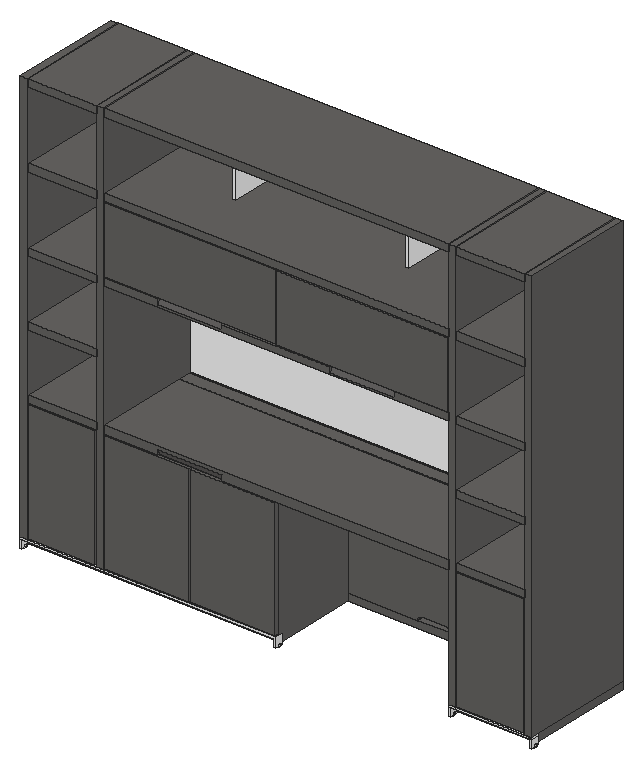
Revit family "Storage-Wall-Teknion-ZXSO_90_High_With_Lights-R2011", category Furniture Systems, Revit 2013
Parameters (values of type "(See Type Catalog)")
  Working Wall Finish [instance] = Glass - Teknion - K6 - White Backpainted
  Width = 108 105/128"
  Warranty = "http://www.teknionstudio.com/pdfs/Teknion%20Studio%20Warranty.pdf"
  Wall Unit Finish [instance] = Veneer - Teknion - P7 - Grey Oak
  Voltage = 120 V
  Unit Weight = 820.00 lbf
  URL = "www.teknionstudio.com"
  Tabletop Cutout Offset = if(Has Double Doors, 0", 4")  # 0"
  Right Storage Tower = Storage-Unit-Teknion-Tower : Upper Shelves & Lower Door
  Left Storage Tower = Storage-Unit-Teknion-Tower : Upper Shelves & Lower Door
  Series = "B&B Italia"
  Product Page URL = "http://www.teknionstudio.com/acexecutive/"
  Product Line = "AC Executive"
  Product Documentation Link = "http://www.teknionstudio.com/pricing/ac_executive_storage_walls_ppg.pdf"
  Power Factor = 1
  Part Number = "ZXSO"
  Number of Poles = 1
  Model = ""
  Manufacturer Phone = "919-464-2920"
  Manufacturer Fax = "919-464-2927"
  Manufacturer Email = "customersupport@teknionstudio.com"
  Manufacturer Address = "3940 US 70 Business HWY West, Clayton, NC 27520"
  Manufacturer = "Teknion Studio"  # constant formula
  Low Emitting Material = yes
  Low Emitting Finish = yes
  Height = 89 123/128"
  Has File File Drawers = not(Has Double Doors)  # no
  Has Double Doors = yes
  Description = ""
  Depth = 24"
  Assembly Code = "E2020200"
  Apparent Load = 22.8 VA
Reference planes (in)
  plane 1 "Center F/B": y = 0
  plane 2: z = 0
  plane 3 "Back": y = 12
  plane 4 "Front": y = -12
  plane 5 "Doors Top": z = 73.80469
  plane 6: x = 28.60504
  plane 7: z = 29.68402
  plane 8: z = 56.1289
  plane 9: x = -44.78207
  plane 10: z = 2.1289
  plane 11 "Center L/R": x = -8.08858
  plane 12 "Foot Centerline": y = -11.2126
  plane 13 "Tabletop Cutout": y = -12
  plane 14 "Foot Centerline Front": y = -10.22835
  plane 15 "Foot Centerline Back": y = 10.22835
  plane 16: y = -8.484
  plane 17 "Left": x = -62.49874
  plane 18 "Center": x = -16.17717
  plane 19 "Right": x = 46.32157
  plane 20 "Top": z = 89.96094
Forms (in)
  Sweep 1, solid, material "Metal - Teknion - C6 - Chrome"
    path origin (0, 0, 0) x (1, 0, 0) y (0, 0, 1)
      loop
        line (-44.78207, 2.1289) -> (-8.08858, 2.1289) -> (-8.08858, 0.05803)
    profile origin (-26.43533, 0, 2.1289) x (0, 0, 1) y (0, -1, 0)
      loop
        line (0, 12) -> (-0.394, 12) -> (-0.394, 10.4252) -> (0, 10.4252) -> (0, 12)
  Sweep 2, solid, material "Metal - Teknion - C6 - Chrome"
    path origin (0, 0, 0) x (1, 0, 0) y (0, 0, 1)
      loop
        line (-44.78207, 2.1289) -> (-8.08858, 2.1289)
    profile origin (-26.43533, 0, 2.1289) x (0, 0, 1) y (0, -1, 0)
      loop
        line (-0.394, 10.6222) -> (-1.5748, 10.6222) -> (-1.5748, 10.4252) -> (-0.394, 10.4252) -> (-0.394, 10.6222)
  Revolve 3, solid, material "Metal - Teknion - C6 - Chrome"
    sketch origin (0.39385, -11.2126, 0) x (0, 0, -1) y (1, 0, 0)
      loop
        line (-0.4911, -8.67943) -> (0, -8.67943) -> (0, -8.34479) -> (-0.03937, -8.30542) -> (-0.20618, -8.30542) -> (-0.24555, -8.34479) -> (-0.28492, -8.30542) -> (-0.45173, -8.30542) -> (-0.4911, -8.34479) -> (-0.4911, -8.67943)
      axis (0, -8.67943) -> (-0.4911, -8.67943)
    angle from 0 to 360
  Sweep 4, solid, material "Veneer - Teknion - P7 - Grey Oak" <- "Wall Unit Finish"
    path origin (0, 0, 0) x (1, 0, 0) y (0, 0, 1)
      loop
        line (-44.78207, 29.68402) -> (28.60504, 29.68402)
    profile origin (-8.08852, 0, 29.68402) x (0, 0, 1) y (0, -1, 0)
      loop
        line (0, 12) -> (-1.7638, 12) -> (-1.7638, -7.11393) -> (-5.30827, -7.11393) -> (-5.30827, -7.08268) -> (-27.55512, -7.08268) -> (-27.55512, -7.11393) -> (-29.0945, -7.11393) -> (-29.0945, -12) -> (-27.55512, -12) -> (-27.55512, -7.80668) -> (-5.30828, -7.80668) -> (-5.30828, -12) -> (44.12067, -12) -> (44.12067, 12) -> (42.58097, 12) -> (42.58097, 11.2126) -> (27.98392, 11.2126) -> (27.98392, 12) -> (26.44488, 12) -> (26.44488, -10.94094) -> (0, -10.94094) -> (0, -10.90969) -> (-0.72441, -10.90969) -> (-0.72441, -10.56693) -> (0, -10.56693) -> (0, -8.05709) -> (-0.72441, -8.05709) -> (-0.72441, -7.80709) -> (0, -7.80709) -> (0, 12)
      loop
        line (60.27692, -12) -> (60.27692, 12) -> (58.73755, 12) -> (58.73755, -12) -> (60.27692, -12)
  Sweep 5, solid, material "Veneer - Teknion - P7 - Grey Oak" <- "Wall Unit Finish"
    path origin (0, 0, 0) x (1, 0, 0) y (0, 0, 1)
      loop
        line (-44.78207, 29.68402) -> (-8.08858, 29.68402)
    profile origin (-26.43533, 0, 29.68402) x (0, 0, 1) y (0, -1, 0)
      loop
        line (-1.7638, 11.27559) -> (-27.55512, 11.27559) -> (-27.55512, 10.4252) -> (-29.0945, 10.4252) -> (-29.0945, -12) -> (-1.7638, -12) -> (-1.7638, 11.27559)
  Sweep 6, solid, material "Veneer - Teknion - P7 - Grey Oak" <- "Wall Unit Finish"
    path origin (0, 0, 15.40683) x (-1, 0, 0) y (0, -1, 0)
      loop
        line (16.17717, 12) -> (16.17717, 11.276)
    profile origin (-16.17717, -11.638, 15.40683) x (-1, 0, 0) y (0, 0, 1)
      loop
        line (28.35376, 42.50186) -> (28.35376, 56.60815) -> (-7.96416, 56.60815) -> (-7.96416, 42.50186) -> (28.35376, 42.50186)
      loop
        line (-8.21416, 56.60815) -> (-44.5322, 56.60815) -> (-44.5322, 42.50186) -> (-8.21416, 42.50186) -> (-8.21416, 56.60815)
  Sweep 7, solid, material "Veneer - Teknion - P7 - Grey Oak" <- "Wall Unit Finish", visible <- "Has Double Doors"
    path origin (0, 0, 15.40683) x (-1, 0, 0) y (0, -1, 0)
      loop
        line (16.17717, 12) -> (16.17717, 11.276)
    profile origin (-16.17717, -11.638, 15.40683) x (-1, 0, 0) y (0, 0, 1)
      loop
        line (-7.83788, 12.26339) -> (-7.83788, -13.03482) -> (10.15331, -13.03482) -> (10.15331, 12.26339) -> (-7.83788, 12.26339)
      loop
        line (10.40331, 12.26339) -> (10.40331, -13.03482) -> (28.35504, -13.03482) -> (28.35504, 12.26339) -> (10.40331, 12.26339)
  Sweep 8, solid, material "Veneer - Teknion - P7 - Grey Oak" <- "Wall Unit Finish", visible <- "Has File File Drawers"
    path origin (0, 0, 15.40683) x (-1, 0, 0) y (0, -1, 0)
      loop
        line (16.17717, 12) -> (16.17717, 11.276)
    profile origin (-16.17717, -11.638, 15.40683) x (-1, 0, 0) y (0, 0, 1)
      loop
        line (-7.83801, 12.26339) -> (-7.83801, 0.01144) -> (28.3549, 0.01144) -> (28.3549, 12.26339) -> (-7.83801, 12.26339)
      loop
        line (28.3549, -0.77597) -> (-7.83801, -0.77597) -> (-7.83801, -13.03482) -> (28.3549, -13.03482) -> (28.3549, -0.77597)
  Sweep 9, void
    path origin (0, 0, 0) x (1, 0, 0) y (0, 0, 1)
      loop
        line (-33.34466, 29.68402) -> (-19.56514, 29.68402)
    profile origin (-26.4549, 0, 29.68402) x (0, 0, 1) y (0, -1, 0)
      loop
        line (-1.7638, 12) -> (-1.7638, 11.52756) -> (-0.66143, 12) -> (-1.7638, 12)
  Sweep 10, void
    path origin (0, 0, 0) x (1, 0, 0) y (0, 0, 1)
      loop
        line (-33.3248, 56.1289) -> (-19.54528, 56.1289)
    profile origin (-26.43504, 0, 56.1289) x (0, 0, 1) y (0, -1, 0)
      loop
        line (1.53937, 12) -> (0.43699, 12) -> (1.53937, 11.52755) -> (1.53937, 12)
  Sweep 11, void
    path origin (0, 0, 0) x (1, 0, 0) y (0, 0, 1)
      loop
        line (3.36811, 56.1289) -> (17.14764, 56.1289)
    profile origin (10.25787, 0, 56.1289) x (0, 0, 1) y (0, -1, 0)
      loop
        line (1.53937, 11.52755) -> (1.53937, 12) -> (0.43699, 12) -> (1.53937, 11.52755)
  Sweep 12, void
    path origin (0, 0, 0) x (1, 0, 0) y (0, 1, 0)
      loop
        line (0, 7.80668) -> (0, 7.08268)
    profile origin (0, 7.44468, 0) x (1, 0, 0) y (0, 0, 1)
      loop
        line (6.83338, 24.37575) -> (6.83338, 23.51079)
        arc (6.83338, 23.51079) -> (7.06401, 22.95401) -> (7.62079, 22.72339) r 0.7874
        line (7.62079, 22.72339) -> (12.93575, 22.72339)
        arc (12.93575, 22.72339) -> (13.49252, 22.95401) -> (13.72315, 23.51079) r 0.7874
        line (13.72315, 23.51079) -> (13.72315, 24.37575) -> (6.83338, 24.37575)
      loop
        line (13.72315, 2.1289) -> (13.72315, 2.28638)
        arc (13.72315, 2.28638) -> (13.50406, 2.81532) -> (12.97512, 3.03441) r 0.74803
        line (12.97512, 3.03441) -> (7.58142, 3.03441)
        arc (7.58142, 3.03441) -> (7.05248, 2.81532) -> (6.83338, 2.28638) r 0.74803
        line (6.83338, 2.28638) -> (6.83338, 2.1289) -> (13.72315, 2.1289)
  Sweep 13, solid, material "Acrylic - Teknion - Clear"
    path origin (0.93574, 0, 38.14576) x (-1, 0, 0) y (0, -1, 0)
      loop
        line (9.02433, -11.25197) -> (9.02433, 0.16535)
    profile origin (-8.08858, 5.54331, 38.14576) x (1, 0, 0) y (0, 0, 1)
      loop
        line (-18.65699, 50.26562) -> (-18.65699, 35.65893) -> (-18.0625, 35.65893) -> (-18.0625, 50.26562) -> (-18.65699, 50.26562)
      loop
        line (18.0625, 50.26562) -> (18.0625, 35.65893) -> (18.65699, 35.65893) -> (18.65699, 50.26562) -> (18.0625, 50.26562)
Cuts and joins
  joined: Sweep 1, Sweep 2, Revolve 3
  Sweep 9, Sweep 10, Sweep 11, Sweep 12 cuts Sweep 4
  joined: Sweep 4, Sweep 5
Lines and regions (in)
  Masking region 1
    outline origin (0, 0, 15.40683) x (-1, 0, 0) y (0, -1, 0)
      loop
        line (44.78207, -12) -> (44.78207, 12) -> (-28.60504, 12) -> (-28.60504, -12) -> (44.78207, -12)
  symbolic lines, style "Elevation Swing"
    curve 1: line (-44.78207, -12, 57.66827) -> (-26.43533, -12, 72.01499)
    curve 2: line (-8.08858, -12, 57.66832) -> (-26.43533, -12, 72.01499)
    curve 3: line (-8.08858, 0, 57.66832) -> (10.25823, 0, 72.18658)
    curve 4: line (10.25823, 0, 72.18658) -> (28.60504, 0, 57.66827)
  symbolic lines, style "Elevation Swing", visible <- "Has Double Doors"
    curve 5: line (-26.58047, 0, 27.67022) -> (-44.5322, 0, 15.02111)
    curve 6: line (-44.5322, 0, 15.02111) -> (-26.58047, 0, 2.37201)
    curve 7: line (-26.33047, 0, 2.37201) -> (-8.33929, 0, 15.02456)
    curve 8: line (-8.33929, 0, 15.02456) -> (-26.33047, 0, 27.67022)
  symbolic lines, detail levels medium+fine
    curve 9: line (-8.08858, 12, 15.40683) -> (-8.08858, -12, 15.40683)
  symbolic lines, style "FurnitureSystemsHiddenLines", detail levels fine
    curve 10: line (-44.78207, -11.276, 15.40683) -> (-8.08858, -11.276, 15.40683)
    curve 11: line (28.6049, 12, 15.40683) -> (28.6049, -12, 15.40683)
  symbolic lines, style "FurnitureSystems", visible <- "Has Double Doors"
    curve 12: arc (-26.43533, -12, 15.40683) -> (-21.06169, -24.97311, 15.40683) -> (-8.08858, -30.34674, 15.40683) r 18.34674
    curve 13: arc (-44.78207, -30.34674, 15.40683) -> (-31.80896, -24.97311, 15.40683) -> (-26.43533, -12, 15.40683) r 18.34674
    curve 14: line (-44.78207, -12, 15.40683) -> (-44.78207, -30.34674, 15.40683)
    curve 15: line (-8.08858, -12, 15.40683) -> (-8.08858, -30.34674, 15.40683)
Dimensions and locks (in)
  equal spacing: plane 3 "Back", plane 1 "Center F/B", plane 4 "Front"
  "Depth": plane 3 "Back" to plane 4 "Front"
  "Height": plane 20 "Top" to plane 2
  locked: plane 7 to plane 2 at 29.68402
  locked: plane 8 to plane 7 at 26.44488
  locked: plane 10 to plane 2 at 2.1289
  locked: plane 10 to Sweep 2 sketch curve at 0.394
  locked: Sweep 2 sketch curve to Sweep 2 sketch curve at 1.1808
  plane 4 "Front" to Sweep 2 sketch curve to Sweep 2 sketch curve = 1.3778" locked, 0.197" locked
  locked: plane 4 "Front" to plane 12 "Foot Centerline" at 0.7874
  locked: plane 10 to Sweep 4 sketch curve at 1.53939
  locked: plane 7 to Sweep 4 sketch curve at 1.7638
  Sweep 5 sketch curve to Sweep 5 sketch curve to plane 3 "Back" = 23.27559", 0"
  locked: plane 7 to Sweep 5 sketch curve at 1.7638
  locked: plane 4 "Front" to Sweep 5 sketch curve at 1.5748
  locked: plane 4 "Front" to Sweep 6 sketch curve at 0.724
  plane 5 "Doors Top" to Sweep 6 sketch curve to Sweep 6 sketch curve = 1.7897" locked, 14.1063" locked  (x2)
  Sweep 6 sketch curve to Sweep 6 sketch curve to Sweep 6 sketch curve to Sweep 6 sketch curve = 36.31805", 1/4", 36.31791"
  locked: plane 4 "Front" to Sweep 7 sketch curve at 0.724
  locked: plane 4 "Front" to Sweep 8 sketch curve at 0.724
  locked: Sweep 9 sketch curve to Sweep 9 sketch curve at 13.77953
  locked: plane 7 to Sweep 9 sketch curve at 1.7638
  locked: plane 13 "Tabletop Cutout" to Sweep 9 sketch curve at 0.47244
  "Tabletop Cutout Offset": plane 13 "Tabletop Cutout" to plane 4 "Front"
  locked: Sweep 10 sketch curve to Sweep 10 sketch curve at 13.77953
  locked: Sweep 10 sketch curve to plane 8 at 1.53937
  locked: Sweep 10 sketch curve to plane 8 at 0.43699
  locked: plane 4 "Front" to Sweep 10 sketch curve at 0.47245
  Sweep 11 sketch curve to Sweep 11 sketch curve to plane 8 = 1.10238" locked, 0.43699" locked
  locked: plane 4 "Front" to Sweep 11 sketch curve at 0.47245
  plane 3 "Back" to Sweep 12 sketch curve to Sweep 12 sketch curve = 4.19332" locked, 0.724" locked
  equal spacing: plane 11 "Center L/R", curve 2, plane 9
  equal spacing: plane 6, curve 4, plane 11 "Center L/R"
  locked: plane 4 "Front" to curve 10 at 0.724
  locked: plane 3 "Back" to plane 15 "Foot Centerline Back" at 1.77165
  locked: plane 4 "Front" to plane 14 "Foot Centerline Front" at 1.77165
  locked: plane 4 "Front" to plane 16 at 3.516
  locked: plane 17 "Left" to plane 9 at 17.71667
  locked: Sweep 7 sketch curve to Sweep 7 sketch curve at 25.29821  (x2)
  Sweep 7 sketch curve to Sweep 7 sketch curve to Sweep 7 sketch curve to Sweep 7 sketch curve = 17.95173" locked, 1/4" locked, 17.99118" locked
  Sweep 8 sketch curve to Sweep 8 sketch curve to Sweep 8 sketch curve to Sweep 8 sketch curve = 12.25195" locked, 0.7874" locked, 12.25886" locked
  locked: Sweep 8 sketch curve to Sweep 8 sketch curve at 36.19291  (x2)
  locked: Sweep 12 sketch curve to Sweep 12 sketch curve at 6.88976  (x2)
  locked: Sweep 12 sketch curve to Sweep 12 sketch curve at 1.65236
  locked: Sweep 1 sketch curve to plane 2 at 0.05803
  locked: plane 11 "Center L/R" to Sweep 10 sketch curve at 11.45669
  Sweep 11 sketch curve to Sweep 11 sketch curve to plane 11 "Center L/R" = 13.77953" locked, 11.45669" locked
  locked: plane 11 "Center L/R" to Sweep 12 sketch curve at 14.92197
  locked: Sweep 12 sketch curve to plane 11 "Center L/R" at 14.92197
  locked: Sweep 8 sketch curve to plane 11 "Center L/R" at 0.25057
  locked: plane 11 "Center L/R" to Sweep 8 sketch curve at 0.25057
  locked: plane 7 to Sweep 8 sketch curve at 2.0138
  locked: plane 11 "Center L/R" to Sweep 7 sketch curve at 0.25071
  locked: plane 7 to Sweep 7 sketch curve at 2.0138  (x2)
  locked: plane 18 "Center" to plane 11 "Center L/R" at 8.08858
  locked: Sweep 6 sketch curve to plane 6 at 0.25
  locked: plane 6 to plane 19 "Right" at 17.71654
  "Width": plane 17 "Left" to plane 19 "Right"
  equal spacing: plane 17 "Left", plane 11 "Center L/R", plane 19 "Right"
  plane 20 "Top" to plane 5 "Doors Top" = 16 5/32"
  locked: Sweep 13 sketch curve to Sweep 13 sketch curve at 11.41732
  locked: Sweep 13 sketch curve to Sweep 13 sketch curve at 0.59449  (x2)
  locked: plane 3 "Back" to Sweep 13 sketch curve at 0.74803
  locked: Sweep 13 sketch curve to plane 11 "Center L/R" at 18.0625
  equal spacing: Sweep 13 sketch curve, plane 11 "Center L/R", Sweep 13 sketch curve
  locked: Sweep 13 sketch curve to plane 5 "Doors Top" at 14.60669  (x2)
  locked: plane 20 "Top" to Sweep 4 sketch curve at 1.53937
  locked: plane 5 "Doors Top" to Sweep 4 sketch curve at 1.5397
  locked: Sweep 4 sketch curve to plane 8 at 1.53904
  locked: plane 7 to Sweep 12 sketch curve at 5.30827
  locked: Sweep 9 sketch curve to plane 9 at 11.43741
  Revolve 3 sketch curve to Revolve 3 sketch curve to Revolve 3 sketch curve to Revolve 3 sketch curve to Revolve 3 sketch curve to Revolve 3 sketch curve to plane 2 = 0.03937" locked, 0.16681" locked, 0.03937" locked, 0.03937" locked, 0.16681" locked, 0.03937" locked
  Revolve 3 sketch curve to Revolve 3 sketch curve to plane 11 "Center L/R" to Revolve 3 sketch curve = 0" locked, 0.17702" locked, 0.197" locked
  locked: plane 11 "Center L/R" to Revolve 3 sketch curve at 0.197
  equal spacing: plane 9, curve 13, plane 11 "Center L/R"
  aligned and locked: level to plane 2
  aligned and locked: Sweep 1 sketch curve to plane 10  (x2)
  aligned and locked: Sweep 1 sketch curve to plane 4 "Front"
  aligned and locked: Sweep 2 sketch curve to plane 10
  aligned and locked: plane 9 to Sweep 4 sketch curve
  aligned and locked: plane 6 to Sweep 4 sketch curve
  aligned and locked: Sweep 4 sketch curve to plane 7  (x4)
  aligned and locked: Sweep 4 sketch curve to plane 4 "Front"  (x2)
  aligned and locked: plane 3 "Back" to Sweep 4 sketch curve  (x2)
  aligned and locked: Sweep 5 sketch curve to plane 7
  aligned and locked: plane 10 to Sweep 5 sketch curve
  aligned and locked: plane 4 "Front" to Sweep 6 sketch curve
  aligned and locked: Sweep 4 sketch curve to plane 8
  aligned and locked: plane 4 "Front" to Sweep 7 sketch curve
  aligned and locked: plane 4 "Front" to Sweep 8 sketch curve
  aligned and locked: Sweep 9 sketch curve to plane 7
  aligned and locked: plane 13 "Tabletop Cutout" to Sweep 9 sketch curve
  aligned and locked: Sweep 10 sketch curve to plane 8
  aligned and locked: Sweep 11 sketch curve to plane 8
  aligned and locked: Sweep 11 sketch curve to plane 4 "Front"
  aligned and locked: plane 9 to curve 1
  aligned and locked: plane 11 "Center L/R" to curve 2
  aligned and locked: Sweep 6 to curve 2
  aligned and locked: plane 6 to curve 4
  aligned and locked: Masking region 1 sketch curve to plane 3 "Back"
  aligned and locked: Masking region 1 sketch curve to plane 4 "Front"
  aligned and locked: plane 3 "Back" to curve 9
  aligned and locked: plane 4 "Front" to curve 9
  aligned and locked: plane 3 "Back" to curve 11
  aligned and locked: plane 4 "Front" to curve 11
  aligned and locked: plane 4 "Front" to Sweep 10 sketch curve
  aligned and locked: Sweep 4 sketch curve to plane 5 "Doors Top"
  aligned and locked: plane 12 "Foot Centerline" to Sweep 4 sketch curve
  aligned and locked: plane 4 "Front" to Sweep 4 sketch curve  (x2)
  aligned: plane 8 to nested 1
  aligned: plane 11 "Center L/R" to nested 1
  aligned and locked: nested 1 to plane 16
  aligned and locked: plane 8 to nested 1
  aligned and locked: plane 11 "Center L/R" to nested 1
  aligned and locked: Sweep 1 sketch curve to plane 11 "Center L/R"
  aligned and locked: plane 10 to Sweep 12 sketch curve
  aligned and locked: plane 9 to Masking region 1 sketch curve
  aligned and locked: Sweep 7 sketch curve to plane 18 "Center"
  aligned and locked: plane 1 "Center F/B" to Sweep 5 sketch curve
  aligned: plane 11 "Center L/R" to Sweep 5 sketch curve
  aligned: plane 6 to Sweep 5 sketch curve
  aligned and locked: Sweep 8 sketch curve to plane 18 "Center"
  aligned and locked: Sweep 6 sketch curve to plane 18 "Center"
  aligned and locked: nested 2 to plane 2
  aligned and locked: Sweep 7 to curve 7
  aligned and locked: curve 6 to Sweep 7
  aligned and locked: curve 8 to Sweep 7
  aligned and locked: Sweep 7 to curve 5
  aligned and locked: Sweep 7 to Sweep 7
  aligned and locked: Sweep 7 to curve 6
  aligned and locked: curve 7 to Sweep 7
  aligned and locked: Sweep 7 to curve 8
  aligned and locked: plane 9 to nested 2
  aligned and locked: nested 2 to plane 1 "Center F/B"
  aligned and locked: Masking region 1 sketch curve to plane 6
  aligned and locked: plane 1 "Center F/B" to nested 3
  aligned and locked: nested 3 to plane 6
  aligned and locked: plane 2 to nested 3
  aligned and locked: Sweep 13 sketch curve to plane 11 "Center L/R"
  aligned and locked: plane 5 "Doors Top" to Sweep 13 sketch curve  (x2)
  aligned and locked: Sweep 4 sketch curve to plane 20 "Top"
  aligned and locked: plane 9 to Sweep 5 sketch curve
  aligned and locked: plane 11 "Center L/R" to Sweep 5 sketch curve
  aligned and locked: plane 9 to Sweep 1 sketch curve
  aligned and locked: plane 10 to Sweep 1 sketch curve
  aligned and locked: plane 9 to Sweep 2 sketch curve
  aligned and locked: plane 11 "Center L/R" to Sweep 2 sketch curve
  aligned and locked: nested 2 to curve 10
  aligned and locked: plane 4 "Front" to curve 13
  aligned and locked: plane 4 "Front" to Sweep 7
  aligned and locked: curve 15 to plane 11 "Center L/R"
  aligned and locked: curve 14 to plane 9
  aligned and locked: Sweep 4 sketch curve to plane 10
  aligned and locked: Sweep 4 sketch curve to plane 3 "Back"
Automatic sketch dimensions
  plane 8 to curve 2 = 1.53942"
  plane 8 to curve 1 = 1.53937"
  profile plane to Sweep 1 sketch curve = 0.394"
  Sweep 1 sketch curve to Sweep 1 sketch curve = 1.5748"
  Sweep 5 sketch curve to plane 11 "Center L/R" = 36.69349"
  Sweep 5 sketch curve to plane 6 = 36.69362"
  Sweep 5 sketch curve to Sweep 5 sketch curve = 1.53939"
  profile plane to Sweep 9 sketch curve = 0.66143"
  Sweep 12 sketch curve to Sweep 12 sketch curve = 0.74803"  (x2)
  Sweep 12 sketch curve to Sweep 12 sketch curve = 0.7874"  (x2)
  Sweep 12 sketch curve to Sweep 12 sketch curve = 0.15748"
  curve 3 to plane 11 "Center L/R" = 0"
  curve 8 to plane 6 = 36.94433"
  curve 8 to curve 5 = 0"
  plane 10 to curve 8 = 12.89566"
  plane 10 to curve 6 = 12.89222"
  plane 10 to curve 6 = 0.24311"
  plane 8 to curve 4 = 1.53937"
  plane 8 to curve 3 = 1.53942"
  curve 3 to plane 5 "Doors Top" = 1.61811"
  plane 11 "Center L/R" to Sweep 12 sketch curve = 8.08858"
  Revolve 3 sketch curve to level = 0"  (x2)
  plane 11 "Center L/R" to Revolve 3 sketch curve = 0.13765"
  Revolve 3 sketch curve to Revolve 3 sketch curve = 0.4777"
  Revolve 3 sketch curve to Revolve 3 sketch curve = 0.03937"
  curve 11 to plane 6 = 0.00013"
  curve 12 to curve 13 = 0"
  curve 14 to curve 13 = 0"
  Sweep 4 sketch curve to Sweep 4 sketch curve = 0"  (x2)
  profile plane to Sweep 4 sketch curve = 5.30828"
  profile plane to Sweep 4 sketch curve = 0.72441"
  Sweep 4 sketch curve to Sweep 4 sketch curve = 0.72441"
  Sweep 4 sketch curve to Sweep 4 sketch curve = 1.05906"
  Sweep 4 sketch curve to Sweep 4 sketch curve = 1/32"  (x2)
  Sweep 4 sketch curve to Sweep 4 sketch curve = 0.34277"
  Sweep 4 sketch curve to Sweep 4 sketch curve = 2.50984"
  Sweep 4 sketch curve to Sweep 4 sketch curve = 1/4"
  Sweep 4 sketch curve to Sweep 4 sketch curve = 4.19332"
  Sweep 4 sketch curve to Sweep 4 sketch curve = 0.69316"
  Sweep 4 sketch curve to Sweep 4 sketch curve = 4.88607"
Nested families (in)
  nested 1: "Lighting-Teknion-Storage_Wall" at (-8.08858, 0.12401, 56.1289), type "Lighting-Teknion-Storage_Wall"
  nested 2: "Storage-Unit-Teknion-Tower" at (-53.64034, 0, 0) x (-1, 0, 0) z (0, 0, 1), type <- "Left Storage Tower", Height <- "Height", type "Upper Shelves & Lower Door"
    with Height 89 123/128", Has Top Shelf yes, Has Right Leg yes, Has Left Leg no, Bottom Drawer Height 26.016"
  nested 3: "Storage-Unit-Teknion-Tower" at (37.46331, 0, 0), type <- "Right Storage Tower", Height <- "Height", type "Upper Shelves & Lower Door"
    with Height 89 123/128", Has Top Shelf yes, Has Right Leg yes, Has Left Leg yes, Bottom Drawer Height 26.016"
Connectors (in)
  electrical at (1.08486, 12, 25.22471), driven by "Number of Poles", driven by "Voltage", driven by "Apparent Load", driven by "Power Factor"
    settings: on cut or joined group of Sweep 4, Sweep 5, Sweep 9, Sweep 10, Sweep 11, Sweep 12, index 1, voltage 120 V, apparent load 0 VA, apparent load phase1 22.8 VA, apparent load phase2 0 VA, apparent load phase3 0 VA, power factor 1, load classification "Other", number of poles 1, system type 31, power factor state 1, is connector primary yes, connector utility no, sub classification motor no, connector description "Electrical Connector"
Definition of nested family "Lighting-Teknion-Storage_Wall"
  Parameters (values of type "Lighting-Teknion-Storage_Wall")
    Wattage = 4.03926 W
    built-in parameter 1150110 = 1 (stored number, unit not read)
    built-in parameter 1114217 = 1 (stored number, unit not read)
    built-in parameter 1150109 = 1 (stored number, unit not read)
    built-in parameter 1150134 = 1
    built-in parameter 1150113 = 1 (stored number, unit not read)
    Offset From Reference Level = 0"
    Lumens = 600 lm
    built-in parameter 1150115 = 1 (stored number, unit not read)
    built-in parameter 1150105 = 190.99 (stored number, unit not read)
    Light Source Symbol Size = 3"
    built-in parameter 1150137 = (empty or 0)
    built-in parameter 1150139 = (empty or 0)
    built-in parameter 1150112 = 1 (stored number, unit not read)
    built-in parameter 1150114 = 1 (stored number, unit not read)
    built-in parameter 1150132 = 2
    built-in parameter 1150102 = (empty or 0)
    built-in parameter 1150138 = (empty or 0)
    built-in parameter 1150107 = 6500 (stored number, unit not read)
    built-in parameter 1150106 = 1.9099 (stored number, unit not read)
    Emit from Line Length = 68"
    built-in parameter 1150104 = 13.8 (stored number, unit not read)
    Dimming Lamp Color Temperature Shift = 1
    Default Elevation = 48"
    Color Filter = 16776172
    built-in parameter 1114218 = 1 (stored number, unit not read)
    built-in parameter 1150133 = 10 (stored number, unit not read)
    Assembly Code = ""
  Reference planes (in)
    plane 1 "Light Source Axis (F/B)": y = -8.60801
    plane 2: z = 0
    plane 3 "Light Source Axis (L/R)": x = 0
    plane 4 "Light Source Elevation": z = 0
    plane 5: z = 0
    plane 6: x = -36.6875
    plane 7: x = 36.6875
  Forms (in)
    Sweep 1, solid, material "Glass - Teknion - CL - Clear"
      path origin (0, 0, 0) x (1, 0, 0) y (0, 1, 0)
        loop
          line (-36.6875, -8.60801) -> (36.6875, -8.60801)
      profile origin (0, -8.60801, 0) x (0, 1, 0) y (0, 0, 1)
        loop
          line (-0.51562, 0) -> (-0.51562, -0.40625) -> (0.51563, -0.40625) -> (0.51563, 0) -> (-0.51562, 0)
  Dimensions and locks (in)
    equal spacing: plane 7, plane 3 "Light Source Axis (L/R)", plane 6
    locked: plane 7 to plane 6 at 73.375
    locked: plane 5 to Sweep 1 sketch curve at 0.40625
    equal spacing: Sweep 1 sketch curve, plane 1 "Light Source Axis (F/B)", Sweep 1 sketch curve
    locked: Sweep 1 sketch curve to Sweep 1 sketch curve at 1.03125
    aligned and locked: plane 3 "Light Source Axis (L/R)" to imposter light
    aligned and locked: plane 1 "Light Source Axis (F/B)" to imposter light
    aligned and locked: plane 4 "Light Source Elevation" to imposter light
    aligned and locked: level to plane 5
    aligned and locked: plane 5 to plane 2
    aligned and locked: plane 6 to Sweep 1 sketch curve
    aligned and locked: plane 7 to Sweep 1 sketch curve
    aligned and locked: plane 1 "Light Source Axis (F/B)" to Sweep 1 sketch curve
    aligned and locked: Sweep 1 sketch curve to profile plane
Definition of nested family "Storage-Unit-Teknion-Tower"
  Parameters (values of type "Upper Wardrobe & Lower Door")
    Width = 17.71654"
    Warranty = "http://www.teknionstudio.com/pdfs/Teknion%20Studio%20Warranty.pdf"
    Wall Unit Finish = Veneer - Teknion - P8 - Light Brushed Oak
    URL = "www.teknionstudio.com"
    Series = "B&B Italia"  # constant formula
    Product Line = "AC Executive"  # constant formula
    Model = ""
    Middle Drawer Height = if(Has Top Drawer, 6.425", 12.719")  # 12.719"
    Manufacturer Phone = "919-464-2920"
    Manufacturer Fax = "919-464-2927"
    Manufacturer Email = "customersupport@teknionstudio.com"
    Manufacturer Address = "3940 US 70 Business HWY West, Clayton, NC 27520"
    Manufacturer = "Teknion Studio"  # constant formula
    Height [instance] = 73.81394"
    Has Top Shelf [instance] = and(Height > 75", Has Shelves)  # no
    Has Top Drawer = no
    Has Top Door = yes
    Has Shelves = no
    Has Right Leg [instance] = yes
    Has Middle Drawer = no
    Has Lower Shelf = yes
    Has Left Leg [instance] = no
    Has Full Wardrobe Door = no
    Has Doors = yes
    Door Projection Symbol = yes
    Description = "Tower Storage Unit"
    Depth = 24"
    Bottom Drawer Height [instance] = if(Has Middle Drawer, 13.047", if(Has Top Drawer, 13.047", if(Has Full Wardrobe Door, (Height - 3.668"), 26.016")))  # 26.016"
    Assembly Code = "E2010200"
  Types (7): name | Middle Drawer Height | Has Top Drawer | Has Top Door | Has Shelves | Has Middle Drawer | Has Lower Shelf | Has Full Wardrobe Door | Has Doors | Door Projection Symbol | Bottom Drawer Height
    Upper Shelves & Lower Door | 12.719" | no | no | yes | no | yes | no | yes | yes | 26.016"
    Upper Shelves & File/File Pedestal | 12.719" | no | no | yes | yes | yes | no | no | no | 13.047"
    Upper Shelves & Box/Box/File Pedestal | 6.425" | yes | no | yes | yes | yes | yes | no | no | 13.047"
    Full Wardrobe | 12.719" | no | no | no | no | no | yes | yes | yes | 70.14594"
    Upper Wardrobe & Lower Door | 12.719" | no | yes | no | no | yes | no | yes | yes | 26.016"
    Upper Wardrobe & File/File Pedestal | 12.719" | no | yes | no | yes | yes | no | no | yes | 13.047"
    Upper Wardrobe & Box/Box/File Pedestal | 6.425" | yes | yes | no | yes | yes | no | no | yes | 13.047"
  Reference planes (in)
    plane 1 "Center F/B": y = 0
    plane 2: z = 0
    plane 3 "Center L/R": x = 0
    plane 4 "Left": x = -8.85827
    plane 5 "Right": x = 8.85827
    plane 6 "Back": y = 12
    plane 7 "Front": y = -12
    plane 8 "Top": z = 73.81394
    plane 9: x = -7.3189
    plane 10: x = 7.3189
    plane 11: z = 2.1289
    plane 12 "Foot Centerline": y = -11.2126
    plane 13: z = 29.68402
    plane 14 "Drawer 1 Top": z = 28.1449
    plane 15 "Drawer 2 Top": z = 40.8639
    plane 16 "Drawer 3 Top": z = 27.89502
    plane 17: z = 42.13677
  Forms (in)
    Sweep 1, solid, material "Metal - Teknion - C6 - Chrome", visible <- "Has Left Leg"
      path origin (0, -12, 0) x (1, 0, 0) y (0, 0, 1)
        loop
          line (-8.85827, 1.7349) -> (-8.85827, 0.05803)
      profile origin (-8.85827, -12, 0.89646) x (0, -1, 0) y (1, 0, 0)
        loop
          line (-1.5748, 0) -> (0, 0) -> (0, 0.394) -> (-1.5748, 0.394) -> (-1.5748, 0)
    Sweep 2, solid, material "Metal - Teknion - C6 - Chrome"
      path origin (0, -12, 0) x (1, 0, 0) y (0, 0, 1)
        loop
          line (-8.85827, 2.1289) -> (8.46427, 2.1289)
      profile origin (-0.197, -12, 2.1289) x (0, 0, 1) y (0, -1, 0)
        loop
          line (-0.394, -1.5748) -> (-0.394, -1.3778) -> (-1.575, -1.3778) -> (-1.575, -1.5748) -> (-0.394, -1.5748)
    Revolve 3, solid, material "Metal - Teknion - C6 - Chrome"
      sketch origin (0, -11.2126, 0) x (0, 0, -1) y (1, 0, 0)
        loop
          line (-0.4911, 8.32677) -> (-0.45173, 8.2874) -> (-0.28492, 8.2874) -> (-0.24555, 8.32677) -> (-0.20618, 8.2874) -> (-0.03937, 8.2874) -> (0, 8.32677) -> (0, 8.66142) -> (-0.4911, 8.66142) -> (-0.4911, 8.32677)
        axis (0, 8.66142) -> (-0.4911, 8.66142)
      angle from 0 to 360
    Revolve 4, solid, material "Metal - Teknion - C6 - Chrome", visible <- "Has Left Leg"
      sketch origin (0, -11.2126, 0) x (0, 0, -1) y (1, 0, 0)
        loop
          line (0, -8.99606) -> (0, -8.66142) -> (-0.4911, -8.66142) -> (-0.4911, -8.99606) -> (-0.45173, -9.03543) -> (-0.28492, -9.03543) -> (-0.24555, -8.99606) -> (-0.20618, -9.03543) -> (-0.03937, -9.03543) -> (0, -8.99606)
        axis (0, -8.66142) -> (-0.4911, -8.66142)
      angle from 0 to 360
    Sweep 5, solid, material "Veneer - Teknion - P8 - Light Brushed Oak" <- "Wall Unit Finish"
      path origin (0, 0, 0) x (1, 0, 0) y (0, 0, 1)
        loop
          line (0, 2.1289) -> (0, 73.81394)
      profile origin (0, 0, 37.97142) x (-1, 0, 0) y (0, -1, 0)
        loop
          line (8.85827, -12) -> (8.85827, 12) -> (7.3189, 12) -> (7.3189, -12) -> (8.85827, -12)
        loop
          line (-7.3189, 12) -> (-8.85827, 12) -> (-8.85827, -12) -> (-7.3189, -12) -> (-7.3189, 12)
    Sweep 6, solid, material "Veneer - Teknion - P8 - Light Brushed Oak" <- "Wall Unit Finish"
      path origin (0, 0, 15.40683) x (-1, 0, 0) y (0, -1, 0)
        loop
          line (0, -12) -> (0, 12)
      profile origin (0, 0, 15.40683) x (1, 0, 0) y (0, 0, 1)
        loop
          line (-7.3189, 58.4071) -> (-7.3189, 56.86773) -> (7.3189, 56.86773) -> (7.3189, 58.4071) -> (-7.3189, 58.4071)
    Sweep 7, solid, material "Veneer - Teknion - P8 - Light Brushed Oak" <- "Wall Unit Finish"
      path origin (0, -12, 0) x (1, 0, 0) y (0, 0, 1)
        loop
          line (0, 2.1289) -> (0, 72.27457)
      profile origin (0, -12, 37.20173) x (-1, 0, 0) y (0, -1, 0)
        loop
          line (7.3189, -24) -> (7.3189, -23.25) -> (-7.3189, -23.25) -> (-7.3189, -24) -> (7.3189, -24)
    Sweep 8, solid, material "Veneer - Teknion - P8 - Light Brushed Oak" <- "Wall Unit Finish", visible <- "Has Lower Shelf"
      path origin (0, -12, 0) x (1, 0, 0) y (0, 0, 1)
        loop
          line (-7.3189, 29.68402) -> (7.3189, 29.68402)
      profile origin (0, -12, 29.68402) x (0, 0, 1) y (0, -1, 0)
        loop
          line (0, 0) -> (-1.539, 0) -> (-1.539, -0.724) -> (-27.55512, -0.724) -> (-27.55512, -23.25) -> (0, -23.25) -> (0, 0)
    Sweep 9, solid, material "Veneer - Teknion - P8 - Light Brushed Oak" <- "Wall Unit Finish"
      path origin (0, -12, 0) x (1, 0, 0) y (0, 0, 1)
        loop
          line (0, 2.3789) -> (0, 27.8949)
      profile origin (0, -12, 15.1369) x (-1, 0, 0) y (0, -1, 0)
        loop
          line (7.0689, -0.724) -> (7.0689, 0) -> (-7.0689, 0) -> (-7.0689, -0.724) -> (7.0689, -0.724)
    Sweep 10, solid, material "Veneer - Teknion - P8 - Light Brushed Oak" <- "Wall Unit Finish", visible <- "Has Middle Drawer"
      path origin (0, -12, 0) x (1, 0, 0) y (0, 0, 1)
        loop
          line (0, 28.1449) -> (0, 40.8639)
      profile origin (0, -12, 34.5044) x (-1, 0, 0) y (0, -1, 0)
        loop
          line (7.0689, -0.724) -> (7.0689, 0) -> (-7.0689, 0) -> (-7.0689, -0.724) -> (7.0689, -0.724)
    Sweep 11, solid, material "Veneer - Teknion - P8 - Light Brushed Oak" <- "Wall Unit Finish", visible <- "Has Top Drawer"
      path origin (0, -12, 0) x (1, 0, 0) y (0, 0, 1)
        loop
          line (0, 47.15802) -> (0, 41.1139)
      profile origin (0, -12, 44.13596) x (0, -1, 0) y (1, 0, 0)
        loop
          line (0, 7.0689) -> (-0.724, 7.0689) -> (-0.724, -7.0689) -> (0, -7.0689) -> (0, 7.0689)
    Sweep 12, solid, material "Veneer - Teknion - P8 - Light Brushed Oak" <- "Wall Unit Finish", visible <- "Has Shelves"
      path origin (0, -12, 0) x (1, 0, 0) y (0, 0, 1)
        loop
          line (0, 42.13677) -> (0, 43.67614)
      profile origin (0, -12, 42.90646) x (-1, 0, 0) y (0, -1, 0)
        loop
          line (7.3189, -23.25) -> (7.3189, 0) -> (-7.3189, 0) -> (-7.3189, -23.25) -> (7.3189, -23.25)
    Sweep 13, solid, material "Veneer - Teknion - P8 - Light Brushed Oak" <- "Wall Unit Finish", visible <- "Has Shelves"
      path origin (0, -12, 13.9918) x (1, 0, 0) y (0, 0, 1)
        loop
          line (0, 42.13677) -> (0, 43.67614)
      profile origin (0, -12, 56.89825) x (-1, 0, 0) y (0, -1, 0)
        loop
          line (7.3189, -23.25) -> (7.3189, 0) -> (-7.3189, 0) -> (-7.3189, -23.25) -> (7.3189, -23.25)
    Sweep 14, solid, material "Veneer - Teknion - P8 - Light Brushed Oak" <- "Wall Unit Finish", visible <- "Has Top Door"
      path origin (0, -12, 0) x (1, 0, 0) y (0, 0, 1)
        loop
          line (0, 29.93402) -> (0, 72.02457)
      profile origin (0, -12, 50.97929) x (-1, 0, 0) y (0, -1, 0)
        loop
          line (7.0689, -0.724) -> (7.0689, 0) -> (-7.0689, 0) -> (-7.0689, -0.724) -> (7.0689, -0.724)
    Sweep 15, solid, material "Veneer - Teknion - P8 - Light Brushed Oak" <- "Wall Unit Finish"
      path origin (0, -12, 0) x (1, 0, 0) y (0, 0, 1)
        loop
          line (-8.85827, 2.1289) -> (8.85827, 2.1289)
      profile origin (0, -12, 2.1289) x (0, 0, 1) y (0, -1, 0)
        loop
          line (0, -1.5748) -> (-1.53937, -1.5748) -> (-1.53937, -24) -> (0, -24) -> (0, -1.5748)
    Sweep 16, solid, material "Veneer - Teknion - P8 - Light Brushed Oak" <- "Wall Unit Finish", visible <- "Has Top Shelf"
      path origin (0, 0, 0) x (1, 0, 0) y (0, 0, 1)
        loop
          line (0, 73.81394) -> (0, 72.27457)
      profile origin (0, 0, 73.04425) x (0, -1, 0) y (1, 0, 0)
        loop
          line (-11.25, -7.3189) -> (12, -7.3189) -> (12, 7.3189) -> (-11.25, 7.3189) -> (-11.25, -7.3189)
    Sweep 17, solid, material "Metal - Teknion - C6 - Chrome"
      path origin (0, 0, 0) x (1, 0, 0) y (0, 0, 1)
        loop
          line (-8.85827, 2.1289) -> (8.85827, 2.1289)
      profile origin (0, 0, 2.1289) x (0, 0, 1) y (0, -1, 0)
        loop
          line (0, 10.4252) -> (0, 12) -> (-0.394, 12) -> (-0.394, 10.4252) -> (0, 10.4252)
    Sweep 18, solid, material "Metal - Teknion - C6 - Chrome"
      path origin (0, 0, 0) x (1, 0, 0) y (0, 0, 1)
        loop
          line (8.85827, 1.7349) -> (8.85827, 0.05803)
      profile origin (8.85827, 0, 0.89646) x (0, -1, 0) y (1, 0, 0)
        loop
          line (10.4252, -0.394) -> (12, -0.394) -> (12, 0) -> (10.4252, 0) -> (10.4252, -0.394)
  Lines and regions (in)
    Masking region 1
      outline origin (0, 0, 15.40683) x (-1, 0, 0) y (0, -1, 0)
        loop
          line (8.85827, -12) -> (8.85827, 12) -> (-8.85827, 12) -> (-8.85827, -12) -> (8.85827, -12)
    symbolic lines, style "FurnitureSystems", detail levels medium+fine
      curve 1: line (-7.3189, 12, 15.40683) -> (-7.3189, -12, 15.40683)
      curve 2: line (7.3189, 12, 15.40683) -> (7.3189, -12, 15.40683)
    symbolic lines, style "FurnitureSystemsHiddenLines", detail levels fine
      curve 3: line (-7.3189, -11.276, 15.40683) -> (7.3189, -11.276, 15.40683)
    symbolic lines, style "Elevation Swing", visible <- "Has Doors"
      curve 4: line (-7.3189, -12, 2.1289) -> (7.3189, -12, 15.1369)
      curve 5: line (7.3189, -12, 15.1369) -> (-7.3189, -12, 28.1449)
    symbolic lines, style "Elevation Swing", visible <- "Has Top Door"
      curve 6: line (-7.3189, -12, 29.68402) -> (7.3189, -12, 50.97929)
      curve 7: line (7.3189, -12, 50.97929) -> (-7.3189, -12, 72.27457)
    symbolic lines, style "FurnitureSystems", visible <- "Door Projection Symbol"
      curve 8: arc (-7.3189, -12, 0) -> (-3.03159, -22.35048, 0) -> (7.3189, -26.6378, 0) r 14.6378
    symbolic lines, visible <- "Door Projection Symbol"
      curve 9: line (7.3189, -12, 15.40683) -> (7.3189, -26.6378, 15.40683)
  Dimensions and locks (in)
    equal spacing: plane 4 "Left", plane 3 "Center L/R", plane 5 "Right"
    "Width": plane 4 "Left" to plane 5 "Right"
    equal spacing: plane 6 "Back", plane 1 "Center F/B", plane 7 "Front"
    "Depth": plane 6 "Back" to plane 7 "Front"
    locked: plane 4 "Left" to plane 9 at 1.53937
    locked: plane 10 to plane 5 "Right" at 1.53937
    "Height": plane 8 "Top" to level
    locked: Sweep 1 sketch curve to level at 0.05803
    locked: plane 11 to plane 2 at 2.1289
    plane 11 to Sweep 2 sketch curve to Sweep 2 sketch curve = 0.394" locked, 1.181" locked
    plane 7 "Front" to Sweep 2 sketch curve to Sweep 2 sketch curve = 1.3778" locked, 0.197" locked
    locked: Revolve 3 sketch curve to plane 2 at 0.4911  (x2)
    locked: plane 5 "Right" to Revolve 3 sketch curve at 0.57087
    locked: plane 7 "Front" to plane 12 "Foot Centerline" at 0.7874
    Revolve 3 sketch curve to Revolve 3 sketch curve to Revolve 3 sketch curve to Revolve 3 sketch curve to plane 2 = 0.16681" locked, 0.07874" locked, 0.16681" locked, 0.03937" locked
    locked: Revolve 4 sketch curve to plane 2 at 0.4911  (x2)
    locked: Revolve 4 sketch curve to Revolve 4 sketch curve at 0.37402
    Revolve 4 sketch curve to Revolve 4 sketch curve to Revolve 4 sketch curve to Revolve 4 sketch curve to plane 2 = 0.16681" locked, 0.07874" locked, 0.16681" locked, 0.03937" locked
    locked: Revolve 4 sketch curve to plane 4 "Left" at 0.19685
    locked: plane 8 "Top" to Sweep 6 sketch curve at 1.53937
    locked: plane 8 "Top" to Sweep 7 sketch curve at 1.53937
    locked: plane 6 "Back" to Sweep 7 sketch curve at 0.75
    locked: plane 13 to plane 2 at 29.68402
    locked: plane 7 "Front" to Sweep 8 sketch curve at 0.724
    locked: plane 13 to Sweep 8 sketch curve at 1.539
    locked: plane 13 to plane 16 "Drawer 3 Top" at 1.789
    "Bottom Drawer Height": plane 14 "Drawer 1 Top" to plane 11
    "Middle Drawer Height": plane 15 "Drawer 2 Top" to plane 14 "Drawer 1 Top"
    locked: plane 14 "Drawer 1 Top" to Sweep 9 sketch curve at 0.25
    locked: plane 7 "Front" to Sweep 9 sketch curve at 0.724
    locked: Sweep 10 sketch curve to plane 12 "Foot Centerline" at 0.0634
    locked: plane 7 "Front" to Sweep 11 sketch curve at 0.724
    locked: plane 17 to plane 13 at 12.45276
    group 1 to group 2 = 0"  (x2)
    group 1 to group 2 = 13.9918"
    locked: Sweep 13 to plane 17 at 13.9918
    locked: plane 8 "Top" to Sweep 14 sketch curve at 1.78937
    locked: Sweep 14 sketch curve to plane 13 at 0.25
    locked: plane 7 "Front" to Sweep 14 sketch curve at 0.724
    locked: plane 11 to Sweep 15 sketch curve at 1.53937
    locked: plane 7 "Front" to Sweep 15 sketch curve at 1.5748
    equal spacing: Sweep 6, curve 7, plane 13
    equal spacing: plane 14 "Drawer 1 Top", curve 5, plane 11
    locked: plane 6 "Back" to Sweep 16 sketch curve at 0.75
    Sweep 16 sketch curve to Sweep 16 sketch curve to plane 2 = 1.53937" locked, 72.27457" locked
    locked: Sweep 9 sketch curve to plane 11 at 0.25
    locked: plane 9 to Sweep 9 sketch curve at 0.25
    locked: Sweep 9 sketch curve to plane 10 at 0.25
    locked: Sweep 11 sketch curve to plane 15 "Drawer 2 Top" at 0.25
    locked: plane 9 to Sweep 11 sketch curve at 0.25
    locked: Sweep 11 sketch curve to plane 10 at 0.25
    locked: Sweep 10 sketch curve to plane 10 at 0.25
    locked: plane 9 to Sweep 10 sketch curve at 0.25
    locked: Sweep 11 sketch curve to Sweep 11 sketch curve at 6.04412
    locked: Sweep 14 sketch curve to plane 10 at 0.25
    locked: plane 9 to Sweep 14 sketch curve at 0.25
    locked: plane 4 "Left" to Sweep 1 sketch curve at 0.394
    locked: plane 7 "Front" to Sweep 1 sketch curve at 1.5748
    locked: plane 11 to Sweep 1 sketch curve at 0.394
    locked: Sweep 17 sketch curve to plane 7 "Front" at 1.5748
    locked: plane 11 to Sweep 17 sketch curve at 0.394
    locked: Sweep 18 sketch curve to plane 2 at 0.05803
    locked: Sweep 18 sketch curve to plane 5 "Right" at 0.394
    locked: plane 7 "Front" to Sweep 18 sketch curve at 1.5748
    locked: plane 11 to Sweep 18 sketch curve at 0.394
    locked: plane 5 "Right" to Sweep 2 sketch curve at 0.394
    aligned and locked: level to plane 2
    aligned and locked: Sweep 1 sketch curve to plane 4 "Left"
    aligned and locked: Sweep 2 sketch curve to plane 11
    aligned and locked: plane 2 to Revolve 3 sketch curve
    aligned and locked: Revolve 3 sketch curve to plane 2
    aligned and locked: plane 2 to Revolve 4 sketch curve
    aligned and locked: Revolve 4 sketch curve to plane 2
    aligned and locked: plane 8 "Top" to Sweep 5 sketch curve
    aligned and locked: plane 11 to Sweep 5 sketch curve
    aligned and locked: plane 3 "Center L/R" to Sweep 5 sketch curve
    aligned and locked: Sweep 5 sketch curve to plane 6 "Back"
    aligned and locked: plane 6 "Back" to Sweep 5 sketch curve
    aligned and locked: Sweep 5 sketch curve to plane 10
    aligned and locked: plane 5 "Right" to Sweep 5 sketch curve
    aligned and locked: Sweep 5 sketch curve to plane 9
    aligned and locked: plane 4 "Left" to Sweep 5 sketch curve
    aligned and locked: Sweep 5 sketch curve to plane 7 "Front"
    aligned and locked: plane 7 "Front" to Sweep 5 sketch curve
    aligned and locked: plane 6 "Back" to Sweep 6 sketch curve
    aligned and locked: plane 7 "Front" to Sweep 6 sketch curve
    aligned and locked: Sweep 6 sketch curve to plane 3 "Center L/R"
    aligned and locked: plane 9 to Sweep 6 sketch curve
    aligned and locked: Sweep 6 sketch curve to plane 8 "Top"
    aligned and locked: Sweep 6 sketch curve to plane 10
    aligned and locked: plane 11 to Sweep 7 sketch curve
    aligned and locked: plane 3 "Center L/R" to Sweep 7 sketch curve
    aligned and locked: plane 9 to Sweep 7 sketch curve
    aligned and locked: Sweep 7 sketch curve to plane 10
    aligned and locked: Sweep 7 sketch curve to plane 6 "Back"
    aligned and locked: plane 9 to Sweep 8 sketch curve
    aligned and locked: plane 10 to Sweep 8 sketch curve
    aligned and locked: Sweep 8 sketch curve to plane 13  (x2)
    aligned and locked: plane 7 "Front" to Sweep 8 sketch curve
    aligned and locked: Sweep 8 sketch curve to plane 11
    aligned and locked: plane 3 "Center L/R" to Sweep 9 sketch curve
    aligned and locked: Sweep 9 sketch curve to plane 7 "Front"
    aligned and locked: plane 15 "Drawer 2 Top" to Sweep 10 sketch curve
    aligned and locked: plane 14 "Drawer 1 Top" to Sweep 10 sketch curve
    aligned and locked: plane 3 "Center L/R" to Sweep 10 sketch curve
    aligned and locked: plane 7 "Front" to Sweep 10 sketch curve
    aligned and locked: Sweep 11 sketch curve to plane 3 "Center L/R"
    aligned and locked: Sweep 11 sketch curve to plane 7 "Front"
    aligned and locked: Sweep 13 to plane 9
    aligned and locked: plane 3 "Center L/R" to Sweep 14 sketch curve
    aligned and locked: Sweep 14 sketch curve to plane 7 "Front"
    aligned and locked: plane 4 "Left" to Sweep 15 sketch curve
    aligned and locked: plane 5 "Right" to Sweep 15 sketch curve
    aligned and locked: Sweep 15 sketch curve to plane 11  (x2)
    aligned and locked: Sweep 15 sketch curve to plane 6 "Back"
    aligned and locked: plane 4 "Left" to Masking region 1 sketch curve
    aligned and locked: Masking region 1 sketch curve to plane 6 "Back"
    aligned and locked: Masking region 1 sketch curve to plane 5 "Right"
    aligned and locked: Masking region 1 sketch curve to plane 7 "Front"
    aligned and locked: plane 6 "Back" to curve 1
    aligned and locked: curve 1 to plane 9
    aligned and locked: plane 7 "Front" to curve 2
    aligned and locked: plane 6 "Back" to curve 2
    aligned and locked: curve 2 to plane 10
    aligned and locked: plane 9 to curve 3
    aligned and locked: plane 10 to curve 3
    aligned and locked: curve 3 to Sweep 14
    aligned and locked: plane 11 to curve 4
    aligned and locked: plane 9 to curve 4
    aligned and locked: plane 10 to curve 5
    aligned and locked: plane 9 to curve 5
    aligned and locked: plane 14 "Drawer 1 Top" to curve 5
    aligned and locked: plane 13 to curve 6
    aligned and locked: plane 9 to curve 6
    aligned and locked: plane 9 to curve 7
    aligned and locked: curve 7 to Sweep 6
    aligned and locked: plane 7 "Front" to curve 8
    aligned and locked: curve 8 to plane 10
    aligned and locked: Sweep 16 sketch curve to plane 3 "Center L/R"
    aligned and locked: plane 9 to Sweep 16 sketch curve
    aligned and locked: Sweep 16 sketch curve to plane 10
    aligned and locked: Sweep 16 sketch curve to plane 7 "Front"
    aligned and locked: plane 4 "Left" to Sweep 17 sketch curve
    aligned and locked: plane 5 "Right" to Sweep 17 sketch curve
    aligned and locked: Sweep 17 sketch curve to plane 11  (x2)
    aligned and locked: Sweep 17 sketch curve to plane 7 "Front"
    aligned and locked: Sweep 18 sketch curve to plane 5 "Right"  (x2)
    aligned and locked: Sweep 18 sketch curve to plane 7 "Front"
    aligned and locked: plane 4 "Left" to Sweep 2 sketch curve
  Automatic sketch dimensions
    Revolve 3 sketch curve to Revolve 3 sketch curve = 0.03937"  (x3)
    Revolve 3 sketch curve to Revolve 3 sketch curve = 0"  (x2)
    Revolve 3 sketch curve to plane 5 "Right" = 0.19685"
    Revolve 4 sketch curve to Revolve 4 sketch curve = 0.03937"  (x3)
    Revolve 4 sketch curve to Revolve 4 sketch curve = 0"  (x2)
    Sweep 12 sketch curve to Sweep 12 sketch curve = 1.53937"
    profile plane to Sweep 12 sketch curve = 0"
    profile plane to Sweep 12 sketch curve = 7.3189"
    Sweep 12 sketch curve to profile plane = 7.3189"
    Sweep 12 sketch curve to profile plane = 23 1/4"
    Sweep 13 sketch curve to Sweep 13 sketch curve = 1.53937"
    profile plane to Sweep 13 sketch curve = 0"
    profile plane to Sweep 13 sketch curve = 7.3189"
    Sweep 13 sketch curve to profile plane = 7.3189"
    Sweep 13 sketch curve to profile plane = 23 1/4"
    Sweep 8 sketch curve to Sweep 8 sketch curve = 22.526"
    curve 7 to plane 10 = 0"
    curve 8 to plane 9 = 0"
    plane 7 "Front" to curve 1 = 0"
    plane 7 "Front" to curve 9 = 14.6378"
    Sweep 1 sketch curve to profile plane = 0"
    plane 7 "Front" to Sweep 1 sketch curve = 0"
